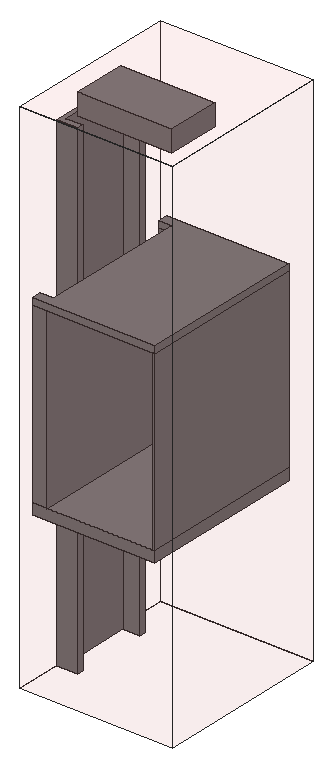
Revit family "Elevator_COM_NationwideLifts_Freedom-LULA", category Generic Models, Revit 2026
Family settings
  Can host rebar = No
  Round Connector Dimension = Use Diameter
  Part Type = Normal
  Classification Number = 23.50.05.11.14
  Work Plane-Based = Yes
  Always vertical = No
  Cut with Voids When Loaded = No
  Maintain Annotation Orientation = No
  Shared = No
  Room Calculation Point = No
Parameters (values of type "Type 2 48 x 54")
  Warranty Duration (Years) = 0
  Unit Width = 4' - 0"
  Unit Height [instance] = 6' - 8"
  Unit Depth = 4' - 6"
  URL = "http://www.elevators.com/"
  Stops [instance] = 0
  Standards Conformance = "ADA  ;  Cannot fit a gurney"
  Specification = "http://www.arcat.com/sdspecs/htm04/14_20_00nwl.htm"
  SpecWizard = ""
  Space Between Cab and Hoistway = 0' - 2"
  Show Finished Hoistway Clearance [instance] = yes
  Show Default Rail Wall Detail [instance] = yes
  Show Center of Door Detail [instance] = yes
  Send Message = ""
  Sales Information = "http://www.elevators.com/contact-info/"
  Revision = "R1_2016-05"
  Product Properties = ""
  Product Data = "http://www.arcat.com/arcatcos/cos49/arc49670.html"
  Pit Depth [instance] = 0' - 8"
  Overhead [instance] = 9' - 0"
  Overall Height [instance] = Height to Floor of Last Stop + Overhead  # 19' - 0"
  Opening Width = 5' - 9"
  Opening Depth = 6' - 8"
  Model = "Freedom Commercial LULA Type 2"
  Manufacturer Website = "http://www.elevators.com/"
  Manufacturer Phone - Toll Free = "888-323-8755"
  Manufacturer Phone = ""
  Manufacturer Fax = ""
  Manufacturer Address = "10-B Holden Ave.  Queensbury, NY 12804"
  Manufacturer = "Nationwide Lifts, Inc."
  Maintenance Schedule (Months) = 0
  Lift Travel Speed = "30 fpm and 25 ft of Travel"
  Lift Material [instance] = Metal - Steel
  Lift Height = 0' - 0"
  Keynote = "14 20 00"
  Installation-Fabrication = ""
  Installation Phase = ""
  Hoistway Wall Thickness [instance] = 0' - 0 1/2"
  Hoistway Clearance Material [instance] = ARCAT Clearance
  Height to Full Stroke Sheave [instance] = 17' - 9.338"
  Height to Floor of Last Stop [instance] = 10' - 0"
  Green Building-LEED = ""
  Expected Lifespan (Years) = 0
  Drawn By = "Sumex Design, Inc. / Robert S. Weygant, CSI, CDT, SCIP"
  Description = "Nationwide Lifts Commercial Hydraulic Elevator - Freedom Commercial LULA as Specified"
  Default Elevation = 0' - 0"  # constant formula
  Copyright = "©Arcat Inc."
  Construction Details = ""
  Center of Rail = 3' - 4"
  Center of Door B = 0' - 0"
  Center of Door A = 3' - 5"
  Capacity = "1000 lbs"
  Cab Style 2 Sliding Panel = yes
  Cab Style Accordian Gate = no
  Cab Location [instance] = 5' - 8.02815"
  Cab Exterior Material [instance] = Metal - Steel
  Cab Design = Cab_Type2 : Cab_Type2
  Assembly Code = "D1010100"
Types (6): name | Unit Width | Unit Depth | Opening Depth | Model | Center of Rail | Cab Design
  Type 2 48 x 54 | 4' - 0" | 4' - 6" | 6' - 8" | "Freedom Commercial LULA Type 2" | 3' - 4" | Cab_Type2 : Cab_Type2
  Type 2 42 x 60 | 3' - 6" | 5' - 0" | 7' - 2" | "Freedom Commercial LULA Type 2" | 3' - 7" | Cab_Type2 : Cab_Type2
  Type 1R 48 x 54 | 4' - 0" | 4' - 6" | 6' - 1" | "Freedom Commercial LULA Type 1R" | 3' - 4" | Cab_Type1R : Cab_Type1R
  Type 1R 42 x 60 | 3' - 6" | 5' - 0" | 6' - 7" | "Freedom Commercial LULA Type 1R" | 3' - 7" | Cab_Type1R : Cab_Type1R
  Type 1L 48 x 54 | 4' - 0" | 4' - 6" | 6' - 1" | "Freedom Commercial LULA Type 1L" | 3' - 4" | Cab_Type1L : Cab_Type1L
  Type 1L 42 x 60 | 3' - 6" | 5' - 0" | 6' - 7" | "Freedom Commercial LULA Type 1L" | 3' - 7" | Cab_Type1L : Cab_Type1L
Reference planes (in)
  plane 1 "Center (Front/Back)": y = 0
  plane 2 "Bottom": z = 0
  plane 3 "Center (Left/Right)": x = 0
  plane 4 "Front": y = -40
  plane 5 "Back": y = 40
  plane 6 "Left": x = -34.5
  plane 7 "Right": x = 34.5
  plane 8 "Top": z = 228
  plane 9: z = -8
  plane 10: z = 68.02815
Forms (in)
  Extrusion 1, solid, material "ARCAT Clearance" <- "Hoistway Clearance Material", visible <- "Show Finished Hoistway Clearance"
    sketch origin (0, 0, 0) x (1, 0, 0) y (0, 1, 0)
      loop
        line (-34.5, 40) -> (-34.5, -40) -> (34.5, -40) -> (34.5, 40) -> (-34.5, 40)
    from -8 to 228
  Extrusion 2, solid, material "Metal - Steel" <- "Lift Material"
    sketch origin (0, 0, 0) x (1, 0, 0) y (0, 1, 0)
      loop
        line (-34.5, 19) -> (-34.5, -19) -> (-25.25, -19) -> (-25.25, -16.1875) -> (-32.75, -16.1875) -> (-32.75, 16.1875) -> (-25.25, 16.1875) -> (-25.25, 19) -> (-34.5, 19)
    from -8 to 213.338 <- "Height to Full Stroke Sheave"
  Extrusion 3, solid, material "Metal - Steel" <- "Lift Material"
    sketch origin (0, 0, 0) x (1, 0, 0) y (0, 0, 1)
      loop
        line (-30.5, 213.338) -> (12, 213.338) -> (12, 223.338) -> (-30.5, 223.338) -> (-30.5, 213.338)
    from -12 to 12
Dimensions and locks (in)
  equal spacing: plane 6 "Left", plane 3 "Center (Left/Right)", plane 7 "Right"
  "Opening Width": plane 6 "Left" to plane 7 "Right"
  equal spacing: plane 5 "Back", plane 1 "Center (Front/Back)", plane 4 "Front"
  "Opening Depth": plane 5 "Back" to plane 4 "Front"
  "Overall Height": plane 8 "Top" to level
  "Pit Depth": level to plane 9
  Extrusion 2 sketch curve to plane 1 "Center (Front/Back)" to Extrusion 2 sketch curve = 1' - 7" locked, 1' - 7" locked
  "Cab Location": plane 10 to plane 2 "Bottom"
  "Height to Full Stroke Sheave": Extrusion 3 sketch curve to level
  locked: Extrusion 3 sketch curve to Extrusion 3 sketch curve at 10
  aligned and locked: Extrusion 1 sketch curve to plane 4 "Front"
  aligned and locked: Extrusion 1 sketch curve to plane 7 "Right"
  aligned and locked: Extrusion 1 to plane 9
  aligned and locked: plane 8 "Top" to Extrusion 1
  aligned and locked: Extrusion 1 to Extrusion 2
  aligned and locked: plane 1 "Center (Front/Back)" to nested 1
  aligned and locked: plane 3 "Center (Left/Right)" to nested 1
Automatic sketch dimensions
  Extrusion 1 sketch curve to plane 6 "Left" = 0' - 0"
  Extrusion 1 sketch curve to plane 5 "Back" = 0' - 0"
  Extrusion 2 sketch curve to plane 6 "Left" = 0' - 0"
  plane 6 "Left" to Extrusion 2 sketch curve = 0' - 1 3/4"
  Extrusion 2 sketch curve to Extrusion 2 sketch curve = 0' - 7 1/2"  (x2)
  Extrusion 2 sketch curve to Extrusion 2 sketch curve = 0' - 2 13/16"  (x2)
  plane 6 "Left" to Extrusion 3 sketch curve = 0' - 4"
  plane 3 "Center (Left/Right)" to Extrusion 3 sketch curve = 1' - 0"
Nested families (in)
  nested 1: "Cab_Type2" at (0, 0, 68.02815), built-in parameter 1001364 <- "Cab Location", Hoistway Depth <- "Opening Depth", Hoistway Width <- "Opening Width", Unit Width <- "Unit Width", Unit Height <- "Unit Height", Unit Depth <- "Unit Depth", Show Rail Wall Support Detail <- "Show Default Rail Wall Detail", Show Center of Door Location Detail <- "Show Center of Door Detail", Gate A Accordian <- "Cab Style Accordian Gate", Gate A 2 Panel Sliding <- "Cab Style 2 Sliding Panel", Center of Rail <- "Center of Rail", Hoistway Wall Finish Thickness <- "Hoistway Wall Thickness", Center of Door A <- "Center of Door A", Center of Door B <- "Center of Door B", cab exterior <- "Cab Exterior Material", type <- "Cab Design", Space Between Gate and Hoistway <- "Space Between Cab and Hoistway", type "Cab_Type2"
    with centerdoorBlocate 3' - 0", centerdoorAlocate 3' - 5", cab exterior Metal - Steel, Unit Width 4' - 0", Unit Height 6' - 8", Unit Depth 4' - 6", Space Between Gate and Hoistway 0' - 2", Show Rail Wall Support Detail yes, Show Center of Door Location Detail yes, Hoistway Width 5' - 9", Hoistway Wall Finish Thickness 0' - 0 1/2", Hoistway Depth 6' - 8", Gate Thickness 0' - 4 1/2", Gate A Accordian no, Gate A 2 Panel Sliding yes, Center of Rail 3' - 4", Center of Door B 0' - 0", Center of Door A 3' - 5"
Definition of nested family "Cab_Type2"
  Parameters
    centerdoorBlocate [instance] = if(Center of Door B < 2' 0", 3' 0", Center of Door B)  # 2' - 10"
    centerdoorAlocate [instance] = if(Center of Door A < 2' 0", 3' 0", Center of Door A)  # 2' - 4"
    cab exterior [instance] = none
    Unit Width [instance] = 3' - 0"
    Unit Height [instance] = 6' - 8"
    Unit Depth [instance] = 4' - 0"
    Space Between Gate and Hoistway [instance] = 0' - 0 3/4"
    Show Rail Wall Support Detail [instance] = yes
    Show Center of Door Location Detail [instance] = yes
    Hoistway Width [instance] = 4' - 2"
    Hoistway Wall Finish Thickness [instance] = 0' - 0 1/2"
    Hoistway Depth [instance] = 4' - 7"
    Gate Thickness [instance] = 0' - 4 1/2"  # constant formula
    Gate A Accordian [instance] = yes
    Gate A 2 Panel Sliding [instance] = yes
    Default Elevation = 0' - 0"
    Center of Rail [instance] = 2' - 5"
    Center of Door B [instance] = 2' - 10"
    Center of Door A [instance] = 2' - 4"
  Reference planes (in)
    plane 1 "Center (Front/Back)": y = 0
    plane 2: z = 0
    plane 3 "Center (Left/Right)": x = 0
    plane 4: y = 27.5
    plane 5: y = -27.5
    plane 6: x = -25
    plane 7: x = 25
    plane 8: y = 1.5
    plane 9: x = -25.5
    plane 10: y = 26.75
    plane 11: y = -26.75
    plane 12: x = -14.25
    plane 13: x = 21.75
    plane 14: y = -22.25
    plane 15: x = 3
    plane 16: y = 22.25
  Forms (in)
    Extrusion 1, solid, material <- "cab exterior"
      sketch origin (0, 0, 0) x (1, 0, 0) y (0, 1, 0)
        loop
          line (-14.25, -26.75) -> (-14.25, 26.75) -> (-21, 26.75) -> (-21, 22.25) -> (-15, 22.25) -> (-15, -22.25) -> (-21, -22.25) -> (-21, -26.75) -> (-14.25, -26.75)
        loop
          line (21.75, -26.75) -> (22.5, -26.75) -> (22.5, 26.75) -> (21.75, 26.75) -> (21.75, -26.75)
      from 0 to 80 <- "Unit Height"
    Extrusion 2, solid, material <- "cab exterior"
      sketch origin (0, 0, 0) x (1, 0, 0) y (0, 1, 0)
        loop
          line (-15, 22.25) -> (-15, -22.25) -> (-21, -22.25) -> (-21, -26.75) -> (22.5, -26.75) -> (22.5, 26.75) -> (-21, 26.75) -> (-21, 22.25) -> (-15, 22.25)
      from 0 to -5
    Extrusion 3, solid, material <- "cab exterior"
      sketch origin (0, 0, 80) x (1, 0, 0) y (0, 1, 0)
        loop
          line (-15, 22.25) -> (-15, -22.25) -> (-21, -22.25) -> (-21, -26.75) -> (22.5, -26.75) -> (22.5, 26.75) -> (-21, 26.75) -> (-21, 22.25) -> (-15, 22.25)
      from 0 to 3
  Dimensions and locks (in)
    equal spacing: plane 6, plane 3 "Center (Left/Right)", plane 7
    "Hoistway Width": plane 6 to plane 7
    equal spacing: plane 4, plane 1 "Center (Front/Back)", plane 5
    "Hoistway Depth": plane 4 to plane 5
    "Center of Rail": plane 8 to plane 5
    "Hoistway Wall Finish Thickness": plane 9 to plane 6
    "Unit Width": plane 12 to plane 13
    "centerdoorAlocate": plane 6 to plane 15
    "Gate Thickness": plane 10 to plane 16
    locked: Extrusion 1 sketch curve to plane 12 at 0.75
    locked: Extrusion 1 sketch curve to plane 12 at 6.75  (x2)
    locked: nested 3 to plane 16 at 0.5
    locked: plane 10 to nested 4 at 0.5
    locked: Extrusion 2 sketch curve to plane 12 at 6.75  (x2)
    "Space Between Gate and Hoistway": plane 4 to plane 10
    "Gate Thickness": plane 14 to plane 11
    locked: Extrusion 3 sketch curve to plane 12 at 6.75  (x2)
    locked: plane 13 to Extrusion 2 sketch curve at 0.75
    locked: plane 6 to plane 12 at 10.75
    locked: nested 6 to plane 11 at 0.5
    locked: nested 7 to plane 11 at 4.0625
    "Space Between Gate and Hoistway": plane 11 to plane 5
    aligned and locked: plane 2 to level
    aligned and locked: plane 8 to nested 1
    aligned and locked: plane 9 to nested 1
    aligned and locked: plane 15 to nested 2
    aligned and locked: plane 4 to nested 2
    aligned and locked: plane 10 to Extrusion 1 sketch curve
    aligned and locked: plane 16 to Extrusion 1 sketch curve
    aligned and locked: plane 12 to Extrusion 1 sketch curve
    aligned and locked: Extrusion 1 to nested 3
    aligned and locked: plane 13 to nested 4
    aligned and locked: plane 10 to Extrusion 2 sketch curve
    aligned and locked: plane 10 to Extrusion 3 sketch curve
    aligned and locked: plane 11 to Extrusion 1 sketch curve  (x2)
    aligned and locked: plane 14 to Extrusion 1 sketch curve
    aligned and locked: plane 13 to Extrusion 1 sketch curve
    aligned and locked: Extrusion 2 sketch curve to plane 11
    aligned and locked: nested 5 to plane 15
    aligned and locked: plane 5 to nested 5
    aligned and locked: nested 6 to plane 13
    aligned and locked: nested 7 to Extrusion 1
  Automatic sketch dimensions
    Extrusion 2 sketch curve to plane 14 = 0' - 0"
    Extrusion 2 sketch curve to plane 16 = 0' - 0"
    Extrusion 2 sketch curve to plane 12 = 0' - 0 3/4"
    Extrusion 1 sketch curve to plane 10 = 0' - 0"
    Extrusion 1 sketch curve to Extrusion 1 sketch curve = 0' - 0 3/4"
    Extrusion 1 to Extrusion 3 sketch curve = 0' - 0"
    Extrusion 3 sketch curve to Extrusion 1 = 0' - 0"  (x4)
  Nested families (in)
    nested 1: "RailWallSupport" at (-25.5, 1.5, 0) x (0, 1, 0) z (0, 0, 1), visible <- "Show Rail Wall Support Detail", type "asSpecified"
    nested 2: "DoorLocation" at (3, 33.5, 0), visible <- "Show Center of Door Location Detail", type "asSpecified"
    nested 3: "AccordionGateDetail" at (-21, 24.5, 0), visible <- "Gate A Accordian", type "AccordionGateDetail"
    nested 4: "Sliding2Door" at (-14.25, 26.25, 0), visible <- "Gate A 2 Panel Sliding", type "Sliding2Door"
      with doorpanelwidth 1' - 7", Door Width 3' - 0"
    nested 5: "DoorLocation" at (3, -33.5, 0), visible <- "Show Center of Door Location Detail", type "asSpecified"
    nested 6: "Sliding2Door" at (-14.25, -26.25, 0), visible <- "Gate A 2 Panel Sliding", type "Sliding2Door"
      with doorpanelwidth 1' - 7", Door Width 3' - 0"
    nested 7: "AccordionGateDetail" at (-21, -24.4375, 0), visible <- "Gate A Accordian", type "AccordionGateDetail"
  Definition of nested family "RailWallSupport"
    Reference planes (in)
      plane 1 "Center (Front/Back)": y = 0
      plane 2: z = 0
      plane 3 "Center (Left/Right)": x = 0
    Lines and regions (in)
      detail lines, in view "Ref. Level"
        curve 1: line (14.375, 0, 0) -> (23.625, 0, 0)
        curve 2: line (23.625, 0, 0) -> (23.625, 1.5, 0)
        curve 3: line (23.625, 1.5, 0) -> (14.375, 1.5, 0)
        curve 4: line (14.375, 1.5, 0) -> (14.375, 0, 0)
        curve 5: line (14.375, 1.5, 0) -> (14.375, 3, 0)
        curve 6: line (14.375, 3, 0) -> (23.625, 3, 0)
        curve 7: line (23.625, 3, 0) -> (23.625, 1.5, 0)
        curve 8: line (23.625, 0, 0) -> (23.625, 3.5, 0)
        curve 9: line (23.625, 3.5, 0) -> (25.125, 3.5, 0)
        curve 10: line (25.125, 3.5, 0) -> (25.125, 0, 0)
        curve 11: line (25.125, 0, 0) -> (23.625, 0, 0)
        curve 12: line (14.375, 0, 0) -> (12.875, 0, 0)
        curve 13: line (12.875, 0, 0) -> (12.875, 3.5, 0)
        curve 14: line (12.875, 3.5, 0) -> (14.375, 3.5, 0)
        curve 15: line (14.375, 3.5, 0) -> (14.375, 3, 0)
        curve 16: line (12.875, 3.5, 0) -> (14.375, 0, 0)
        curve 17: line (14.375, 3.5, 0) -> (12.875, 0, 0)
        curve 18: line (23.625, 3.5, 0) -> (25.125, 0, 0)
        curve 19: line (25.125, 3.5, 0) -> (23.625, 0, 0)
        curve 20: line (14.375, 3, 0) -> (23.625, 1.5, 0)
        curve 21: line (23.625, 3, 0) -> (14.375, 1.5, 0)
        curve 22: line (14.375, 1.5, 0) -> (23.625, 0, 0)
        curve 23: line (23.625, 1.5, 0) -> (14.375, 0, 0)
        curve 24: line (-14.375, 0, 0) -> (-23.625, 0, 0)
        curve 25: line (-23.625, 0, 0) -> (-23.625, 1.5, 0)
        curve 26: line (-23.625, 1.5, 0) -> (-14.375, 1.5, 0)
        curve 27: line (-14.375, 1.5, 0) -> (-14.375, 0, 0)
        curve 28: line (-14.375, 1.5, 0) -> (-14.375, 3, 0)
        curve 29: line (-14.375, 3, 0) -> (-23.625, 3, 0)
        curve 30: line (-23.625, 3, 0) -> (-23.625, 1.5, 0)
        curve 31: line (-23.625, 0, 0) -> (-23.625, 3.5, 0)
        curve 32: line (-23.625, 3.5, 0) -> (-25.125, 3.5, 0)
        curve 33: line (-25.125, 3.5, 0) -> (-25.125, 0, 0)
        curve 34: line (-25.125, 0, 0) -> (-23.625, 0, 0)
        curve 35: line (-14.375, 0, 0) -> (-12.875, 0, 0)
        curve 36: line (-12.875, 0, 0) -> (-12.875, 3.5, 0)
        curve 37: line (-12.875, 3.5, 0) -> (-14.375, 3.5, 0)
        curve 38: line (-14.375, 3.5, 0) -> (-14.375, 3, 0)
        curve 39: line (-12.875, 3.5, 0) -> (-14.375, 0, 0)
        curve 40: line (-14.375, 3.5, 0) -> (-12.875, 0, 0)
        curve 41: line (-23.625, 3.5, 0) -> (-25.125, 0, 0)
        curve 42: line (-25.125, 3.5, 0) -> (-23.625, 0, 0)
        curve 43: line (-14.375, 3, 0) -> (-23.625, 1.5, 0)
        curve 44: line (-23.625, 3, 0) -> (-14.375, 1.5, 0)
        curve 45: line (-14.375, 1.5, 0) -> (-23.625, 0, 0)
        curve 46: line (-23.625, 1.5, 0) -> (-14.375, 0, 0)
  Definition of nested family "DoorLocation"
    Parameters
      Assembly Code = ""
    Reference planes (in)
      plane 1 "Center (Front/Back)": y = 0
      plane 2: z = 0
      plane 3 "Center (Left/Right)": x = 0
    Lines and regions (in)
      detail lines, in view "Ref. Level"
        curve 1: line (-18, -6, 0) -> (-18, 0, 0)
        curve 2: line (-18, 0, 0) -> (18, 0, 0)
        curve 3: line (18, 0, 0) -> (18, -6, 0)
        curve 4: line (18, -6, 0) -> (-18, -6, 0)
        curve 5: line (0, 0, 0) -> (0, -6, 0)
        curve 6: line (0, 0, 0) -> (-0.35355, -0.35355, 0)
        curve 7: line (0, 0, 0) -> (0.35355, -0.35355, 0)
        curve 8: line (0, -6, 0) -> (0.35355, -5.64645, 0)
        curve 9: line (0, -6, 0) -> (-0.35355, -5.64645, 0)
  Definition of nested family "AccordionGateDetail"
    Reference planes (in)
      plane 1 "Center (Front/Back)": y = 0
      plane 2: z = 0
      plane 3 "Center (Left/Right)": x = 0
    Lines and regions (in)
      detail lines, in view "Ref. Level"
        curve 1: line (0, 0, 0) -> (0, 1.75, 0)
        curve 2: line (0, 1.75, 0) -> (0.3125, 1.75, 0)
        curve 3: circle (0.15625, 0, 0) r 0.15625 normal (0, 0, 1)
        curve 4: line (0.3125, 1.75, 0) -> (0.3125, 0, 0)
        curve 5: line (0.04576, -0.11049, 0) -> (2.16708, -2.23181, 0)
        curve 6: line (2.16708, -2.23181, 0) -> (6.05617, 1.65728, 0)
        curve 7: line (6.05617, 1.65728, 0) -> (9.94526, -2.23181, 0)
        curve 8: line (9.94526, -2.23181, 0) -> (13.83435, 1.65728, 0)
        curve 9: line (13.83435, 1.65728, 0) -> (17.72343, -2.23181, 0)
        curve 10: line (17.72343, -2.23181, 0) -> (20.19831, 0.24307, 0)
        curve 11: line (0.26674, 0.11049, 0) -> (2.16708, -1.78986, 0)
        curve 12: line (2.16708, -1.78986, 0) -> (6.05617, 2.09922, 0)
        curve 13: line (6.05617, 2.09922, 0) -> (9.94526, -1.78986, 0)
        curve 14: line (9.94526, -1.78986, 0) -> (13.83435, 2.09922, 0)
        curve 15: line (13.83435, 2.09922, 0) -> (17.72343, -1.78986, 0)
        curve 16: line (17.72343, -1.78986, 0) -> (19.97734, 0.46404, 0)
        curve 17: circle (20.08782, 0.35355, 0) r 0.15625 normal (0, 0, 1)
        curve 18: line (20.24407, -0.14645, 0) -> (20.24407, 0.85355, 0)
        curve 19: line (20.24407, 0.85355, 0) -> (23.49407, 0.85355, 0)
        curve 20: line (23.49407, 0.85355, 0) -> (23.49407, -0.14645, 0)
        curve 21: line (23.49407, -0.14645, 0) -> (20.24407, -0.14645, 0)
        curve 22: line (21.18157, 1.85355, 0) -> (22.55657, 1.85355, 0)
        curve 23: line (21.43157, 0.85355, 0) -> (21.18157, 1.85355, 0)
        curve 24: line (22.30657, 0.85355, 0) -> (22.55657, 1.85355, 0)
        curve 25: line (22.55657, -1.14645, 0) -> (21.18157, -1.14645, 0)
        curve 26: line (22.30657, -0.14645, 0) -> (22.55657, -1.14645, 0)
        curve 27: line (21.43157, -0.14645, 0) -> (21.18157, -1.14645, 0)
  Definition of nested family "Sliding2Door"
    Parameters
      doorpanelwidth [instance] = (Door Width + 0' 1" + 0' 1") / 2  # 1' - 5"
      Door Width [instance] = 2' - 8"
      Assembly Code = ""
    Reference planes (in)
      plane 1 "Center (Front/Back)": y = 0
      plane 2: z = 0
      plane 3 "Center (Left/Right)": x = 0
      plane 4: x = 32
      plane 5: x = -1
      plane 6: x = 15
      plane 7: x = 16
      plane 8: x = 16
    Lines and regions (in)
      detail lines, in view "Ref. Level"
        curve 1: line (31.75, 0, 0) -> (15.25, 0, 0)
        curve 2: line (15, 0.25, 0) -> (15, 1.3125, 0)
        curve 3: line (15.25, 1.5625, 0) -> (31.75, 1.5625, 0)
        curve 4: line (32, 1.3125, 0) -> (32, 0.25, 0)
        curve 5: arc (31.75, 1.5625, 0) -> (31.92678, 1.48928, 0) -> (32, 1.3125, 0) r 0.25
        curve 6: arc (32, 0.25, 0) -> (31.92678, 0.07322, 0) -> (31.75, 0, 0) r 0.25
        curve 7: arc (15.25, 1.5625, 0) -> (15.07322, 1.48928, 0) -> (15, 1.3125, 0) r 0.25
        curve 8: arc (15, 0.25, 0) -> (15.07322, 0.07322, 0) -> (15.25, 0, 0) r 0.25
        curve 9: line (15.75, 1.6875, 0) -> (-0.75, 1.6875, 0)
        curve 10: line (-1, 1.9375, 0) -> (-1, 3, 0)
        curve 11: line (-0.75, 3.25, 0) -> (15.75, 3.25, 0)
        curve 12: line (16, 3, 0) -> (16, 1.9375, 0)
        curve 13: arc (15.75, 3.25, 0) -> (15.92678, 3.17678, 0) -> (16, 3, 0) r 0.25
        curve 14: arc (16, 1.9375, 0) -> (15.92678, 1.76072, 0) -> (15.75, 1.6875, 0) r 0.25
        curve 15: arc (-0.75, 3.25, 0) -> (-0.92678, 3.17678, 0) -> (-1, 3, 0) r 0.25
        curve 16: arc (-1, 1.9375, 0) -> (-0.92678, 1.76072, 0) -> (-0.75, 1.6875, 0) r 0.25
        curve 17: line (32, 3.5, 0) -> (32, 1.6875, 0)
        curve 18: line (32, 1.6875, 0) -> (31.5, 1.6875, 0)
        curve 19: line (31.5, 1.6875, 0) -> (31.5, 3.5, 0)
        curve 20: line (16, 2.5625, 0) -> (31.5, 2.5625, 0)
        curve 21: line (16, 2.3125, 0) -> (31.5, 2.3125, 0)
        curve 22: line (-1, 0.89063, 0) -> (15, 0.89063, 0)
        curve 23: line (15, 0.64063, 0) -> (-1, 0.64063, 0)
        curve 24: line (-1, 0.89063, 0) -> (-1, 0.64063, 0)
        curve 25: line (31.5, 3.5, 0) -> (32, 3.5, 0)
    Dimensions and locks (in)
      locked: plane 5 to plane 3 "Center (Left/Right)" at 1
      "Door Width": plane 3 "Center (Left/Right)" to plane 4
      "doorpanelwidth": plane 6 to plane 4
      locked: plane 6 to plane 7 at 1
      equal spacing: plane 3 "Center (Left/Right)", plane 8, plane 4
      aligned and locked: plane 6 to curve 2
      aligned and locked: curve 12 to plane 7
      aligned and locked: curve 4 to plane 4
      aligned and locked: plane 5 to curve 22
      aligned and locked: plane 6 to curve 22
      aligned and locked: plane 5 to curve 23
      aligned and locked: plane 5 to curve 10
    Automatic sketch dimensions
      plane 1 "Center (Front/Back)" to curve 1 = 0' - 0"
      curve 17 to plane 4 = 0' - 0"
      plane 5 to curve 16 = 0' - 0 1/4"
      plane 5 to curve 11 = 0' - 0 1/4"
      plane 6 to curve 7 = 0' - 0 1/4"
      plane 6 to curve 1 = 0' - 0 1/4"
      curve 13 to plane 7 = 0' - 0 1/4"
      curve 14 to plane 7 = 0' - 0 1/4"
      curve 20 to plane 4 = 0' - 0 1/2"
      curve 3 to plane 4 = 0' - 0 1/4"
      curve 6 to plane 4 = 0' - 0 1/4"
      curve 2 to curve 23 = 0' - 0 25/64"
      curve 23 to curve 24 = 0' - 0 1/4"
      curve 4 to curve 4 = 0' - 1 1/16"
      curve 3 to curve 18 = 0' - 0 1/8"
      curve 12 to curve 21 = 0' - 0 3/8"
      curve 21 to curve 20 = 0' - 0 1/4"
      curve 20 to curve 12 = 0' - 0 7/16"
      curve 20 to curve 17 = 0' - 0 15/16"
      curve 7 to curve 9 = 0' - 0 1/8"
